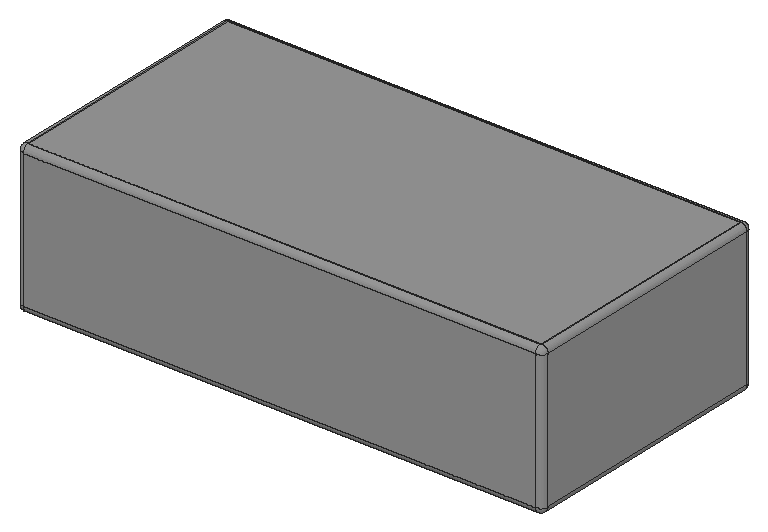
Revit family "BM.SW.B.422112 Schoolworks Bench Short", category Generic Models, Revit 2018
Family settings
  Can host rebar = No
  Round Connector Dimension = Use Diameter
  Part Type = Normal
  Work Plane-Based = No
  Always vertical = Yes
  Cut with Voids When Loaded = No
  Shared = No
  Room Calculation Point = No
Parameters
  Fabric = BM.SW.B.422112 Schoolworks Short Fabric
Reference planes (in)
  plane 1 "Center (Front/Back)": y = 0
  plane 2: z = 0
  plane 3 "Center (Left/Right)": x = 0
Forms (in)
  Extrusion 1, solid, material "BM.SW.B.422112 Schoolworks Short Fabric" <- "Fabric"
    sketch origin (0, 0, 0) x (1, 0, 0) y (0, 1, 0)
      loop
        line (20.27165, 9.875) -> (-20.27165, 9.875)
        arc (-20.27165, 9.875) -> (-20.30054, 9.86304) -> (-20.3125, 9.83415) r 0.04085
        line (-20.3125, 9.83415) -> (-20.3125, -9.83415)
        arc (-20.3125, -9.83415) -> (-20.30054, -9.86304) -> (-20.27165, -9.875) r 0.04085
        line (-20.27165, -9.875) -> (20.27165, -9.875)
        arc (20.27165, -9.875) -> (20.30054, -9.86304) -> (20.3125, -9.83415) r 0.04085
        line (20.3125, -9.83415) -> (20.3125, 9.83415)
        arc (20.3125, 9.83415) -> (20.30054, 9.86304) -> (20.27165, 9.875) r 0.04085
    from 0.125 to 12
  Extrusion 2, solid
    sketch origin (0, 0, 0) x (1, 0, 0) y (0, 1, 0)
      loop
        circle (18.80998, 8.37247) r 0.5
      loop
        circle (-18.80998, 8.37247) r 0.5
      loop
        circle (18.80998, -8.37247) r 0.5
      loop
        circle (-18.80998, -8.37247) r 0.5
    from 0 to 0.125
  Sweep 3, solid, material "BM.SW.B.422112 Schoolworks Short Fabric" <- "Fabric"
    path origin (0, 0, 0) x (1, 0, 0) y (0, 1, 0)
      loop
        line (20.27165, 9.875) -> (-20.27165, 9.875)
        arc (-20.27165, 9.875) -> (-20.30054, 9.86304) -> (-20.3125, 9.83415) r 0.04085
        line (-20.3125, 9.83415) -> (-20.3125, -9.83415)
        arc (-20.3125, -9.83415) -> (-20.30054, -9.86304) -> (-20.27165, -9.875) r 0.04085
        line (-20.27165, -9.875) -> (20.27165, -9.875)
        arc (20.27165, -9.875) -> (20.30054, -9.86304) -> (20.3125, -9.83415) r 0.04085
        line (20.3125, -9.83415) -> (20.3125, 9.83415)
        arc (20.3125, 9.83415) -> (20.30054, 9.86304) -> (20.27165, 9.875) r 0.04085
    profile origin (0, 9.875, 0) x (0, -1, 0) y (0, 0, 1)
      loop
        line (0, 0.125) -> (0, 12)
        arc (0, 12) -> (-0.35355, 11.85355) -> (-0.5, 11.5) r 0.5
        line (-0.5, 11.5) -> (-0.5, 0.625)
        arc (-0.5, 0.625) -> (-0.35355, 0.27145) -> (0, 0.125) r 0.5
Dimensions and locks (in)
  aligned and locked: plane 2 to level
